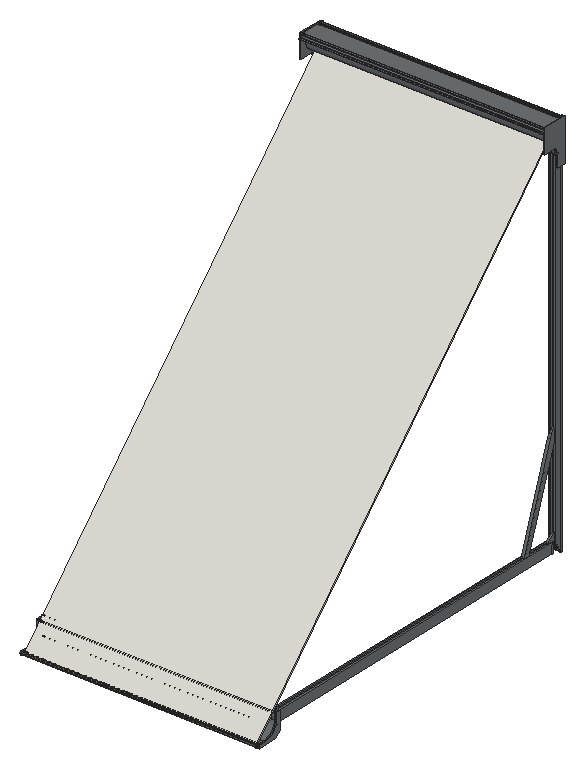
Revit family "Verano_V150_Mallorca_GM_R21", category Generic Models, Revit 2021
Family settings
  Can host rebar = No
  Round Connector Dimension = Use Diameter
  Part Type = Normal
  Work Plane-Based = No
  Always vertical = Yes
  Cut with Voids When Loaded = No
  Shared = No
  Room Calculation Point = No
Parameters (values of type "2100 Projection")
  Width [instance] = Overall Width Constraint  # 1000 mm
  Warning - Min. Width [instance] = if([Width Input (1000 - 5000mm)] < Minimal Width, 1 = 1, 1 = 0)  # no
  Warning - Max. Width [instance] = if([Width Input (1000 - 5000mm)] > Maximal Width, 1 = 1, 1 = 0)  # no
  Projection [instance] = if([1-1000 Projection], 1000 mm, if([2-1150 Projection], 1150 mm, if([3-1350 Projection], 1350 mm, 1500 mm)))  # 1500 mm
  Manual Cntrl = not(Electric Cntrl)  # no
  Height [instance] = Height Constraint - Y  # 664 mm
  Fabric Length [instance] = sqrt((X + 96 mm - 50 mm) ^ 2 + (Overall Height Input - Y - 43.5 mm + 70 mm) ^ 2)  # 2180.815 mm
  Y [instance] = Elevation From Level + 72 mm - 38 mm  # 935 mm
  X [instance] = if(TYPE = 1, 945 mm, if(TYPE = 2, 1095 mm, if(TYPE = 3, 1295 mm, 1445 mm)))  # 1445 mm
  Width Input (1000 - 5000mm) [instance] = 1000 mm
  URL = "https://verano.nl/catalogus/uitvalschermen"
  TYPE = 4
  Sliding Profile Length Constraint [instance] = if(TYPE = 1, 1000 mm, if(TYPE = 2, 1150 mm, if(TYPE = 3, 1350 mm, 1500 mm)))  # 1500 mm
  Rot Arm Profile Length [instance] = if(TYPE = 1, 900 mm, if(TYPE = 2, 1050 mm, if(TYPE = 3, 1250 mm, 1400 mm)))  # 1400 mm
  Rot Arm Elevation [instance] = Overall Height Input - Height Constraint + 72 mm  # 973 mm
  OPEN [instance] = not(CLOSED)  # yes
  Overall Width Constraint [instance] = if([Width Input (1000 - 5000mm)] < Minimal Width, Minimal Width, if([Width Input (1000 - 5000mm)] > Maximal Width, Maximal Width, [Width Input (1000 - 5000mm)]))  # 1000 mm
  Overall Height Input [instance] = 2500 mm
  Model = "V150 Mallorca"
  Minimal Width = 1000 mm  # constant formula
  Maximal Width = 5000 mm  # constant formula
  Manufacturer = "Verano Systems"
  Height Constraint = if(TYPE = 1, 1099 mm, if(TYPE = 2, 1249 mm, if(TYPE = 3, 1449 mm, 1599 mm)))  # 1599 mm
  Front Bar Length [instance] = Overall Width Constraint - 2 * 10 mm  # 980 mm
  Frame Material [instance] = V_Antracite
  Fabric Material [instance] = V_Fabric Beige
  Fabric Angle [instance] = if(TYPE = 1, 47.09°, if(TYPE = 2, 46.74°, if(TYPE = 3, 46.45°, 46.34°)))  # 46.34°
  Elevation From Level [instance] = Overall Height Input - Height Constraint  # 901 mm
  Electric Cntrl = yes
  Description = "Drop-arm awning"  # constant formula
  Default Elevation = 0 mm
  CLOSED [instance] = no
  Beta [instance] = 90.00° - Fabric Angle  # 43.66°
  Angle Constraint [instance] = if(OPEN, 90.00°, 0.00°)  # 90.00°
  A2 [instance] = Elevation From Level + A1  # 1361 mm
  A1 [instance] = 460 mm  # constant formula
  4-1500 Projection = TYPE = 4  # yes
  3-1350 Projection = TYPE = 3  # no
  2-1150 Projection = TYPE = 2  # no
  1-1000 Projection = TYPE = 1  # no
Types (4, lengths in mm): name | Projection | Height | Fabric Length | Y | X | TYPE | Sliding Profile Length Constraint | Rot Arm Profile Length | Rot Arm Elevation | Height Constraint | Fabric Angle | Elevation From Level | Beta | A2 | 4-1500 Projection | 3-1350 Projection | 2-1150 Projection | 1-1000 Projection
  2100 Projection | 1500 | 664 | 2180.815 | 935 | 1445 | 4 | 1500 | 1400 | 973 | 1599 | 46.34° | 901 | 43.66° | 1361 | yes | no | no | no
  1900 Projection | 1350 | 364 | 1968.808 | 1085 | 1295 | 3 | 1350 | 1250 | 1123 | 1449 | 46.45° | 1051 | 43.55° | 1511 | no | yes | no | no
  1600 Projection | 1150 | -36 | 1686.18 | 1285 | 1095 | 2 | 1150 | 1050 | 1323 | 1249 | 46.74° | 1251 | 43.26° | 1711 | no | no | yes | no
  1300 Projection | 1000 | -336 | 1474.264 | 1435 | 945 | 1 | 1000 | 900 | 1473 | 1099 | 47.09° | 1401 | 42.91° | 1861 | no | no | no | yes
Reference planes
  plane 1 "Center (Front/Back)": y = 0
  plane 2: z = 0
  plane 3 "Center (Left/Right)": x = 0
  plane 4: x = 500
  plane 5: x = -500
  plane 6: z = 2500
  plane 7: x = -475
  plane 8: x = 475
  plane 9: z = 901
  plane 10: z = 973
  plane 11: y = -17.5
  plane 12 "X": y = -1445
  plane 13 "Y": z = 935
  plane 14 "X1": y = -1541
  plane 15 "Y1": z = 865
Forms (mm)
  Revolve 1, solid, not visible
    sketch origin (0, 0, 865) x (0, 1, 0) y (-1, 0, 0)
      loop
        line (-1539, 475) -> (-1541, 475) -> (-1541, -475) -> (-1539, -475) -> (-1539, 475)
      axis (-1541, -475) -> (-1541, 475)
    angle from 43.66 <- "Beta" to 90
  Extrusion 2, solid, material "V_Fabric Beige" <- "Fabric Material", visible <- "OPEN"
    sketch origin (500, -1541, 865) x (0, 0.723449, -0.690378) y (-1, 0, 0)
      loop
        line (0, 975) -> (0, 25) -> (2, 25) -> (2, 975) -> (0, 975)
    from 0 to 2180.815 <- "Fabric Length"
Lines and regions (mm)
  symbolic lines, style "GenericModelHiddenLines"
    curve 1: line (-500, 0, 0) -> (-500, -1541, 0)
    curve 2: line (500, 0, 0) -> (500, -1541, 0)
    curve 3: line (500, 0, 0) -> (-500, 0, 0)
    curve 4: line (500, -1541, 0) -> (-500, -1541, 0)
Dimensions and locks
  equal spacing: plane 5, plane 3 "Center (Left/Right)", plane 4
  "Overall Width Constraint": plane 5 to plane 4
  "Overall Height Input": plane 6 to level
  locked: plane 5 to plane 7 at 25
  locked: plane 8 to plane 4 at 25
  "Height Constraint": plane 6 to plane 9
  locked: plane 10 to plane 9 at 72
  locked: plane 1 "Center (Front/Back)" to plane 11 at 17.5
  "X": plane 1 "Center (Front/Back)" to plane 12 "X"
  "Y": plane 13 "Y" to level
  locked: plane 12 "X" to plane 14 "X1" at 96
  locked: plane 13 "Y" to plane 15 "Y1" at 70
  plane 6 to nested 3 = 43.5 mm
  nested 3 to nested 3 = 49.5 mm
  plane 6 to plane 13 "Y" = 1565 mm
  aligned and locked: level to plane 2
  aligned and locked: plane 1 "Center (Front/Back)" to nested 1
  aligned and locked: plane 1 "Center (Front/Back)" to nested 2
  aligned and locked: plane 3 "Center (Left/Right)" to nested 3
  aligned and locked: plane 1 "Center (Front/Back)" to nested 3
  aligned and locked: nested 2 to plane 9
  aligned and locked: nested 1 to plane 9
  aligned and locked: nested 2 to plane 8
  aligned and locked: nested 1 to plane 7
  aligned and locked: plane 7 to nested 4
  aligned and locked: plane 8 to nested 5
  aligned and locked: plane 11 to nested 5
  aligned and locked: plane 3 "Center (Left/Right)" to nested 6
  aligned and locked: plane 13 "Y" to nested 6
  aligned and locked: Revolve 1 sketch curve to plane 7
  aligned and locked: Revolve 1 sketch curve to plane 14 "X1"
  aligned and locked: Revolve 1 sketch curve to plane 8
  aligned and locked: Extrusion 2 sketch curve to Revolve 1  (x4)
  aligned and locked: plane 12 "X" to nested 6
  aligned and locked: plane 7 to nested 7
  aligned and locked: plane 11 to nested 7
  aligned and locked: plane 8 to nested 8
  aligned and locked: curve 1 to plane 5
  aligned and locked: curve 2 to plane 4
  aligned and locked: curve 3 to plane 1 "Center (Front/Back)"
  aligned and locked: curve 4 to plane 14 "X1"
Automatic sketch dimensions
  Revolve 1 sketch curve to plane 4 = 0 mm
  plane 14 "X1" to Revolve 1 sketch curve = 0 mm
  Revolve 1 sketch curve to plane 5 = 0 mm
  Revolve 1 sketch curve to plane 14 "X1" = 2 mm
Nested families
  nested 1: "Wall Sliding Profile" at (-490, 0, 901), built-in parameter 1001360 <- "Elevation From Level", type "Wall Sliding Profile"
    with Length 1500 mm
  nested 2: "Wall Sliding Profile" at (460, 0, 901), type "Wall Sliding Profile"
    with Length 1500 mm
  nested 3: "Wall Profile" at (0, 0, 2500), built-in parameter 1001360 <- "Overall Height Input", type "Wall Profile"
    with Length 1000 mm, Closed no
  nested 4: "Rot Arm" at (-475, -17.5, 973), built-in parameter 1001360 <- "Rot Arm Elevation", type "Rot Arm"
    with Profile Length 1400 mm, Angle 90.00°
  nested 5: "Rot Arm" at (475, -17.5, 973), built-in parameter 1001360 <- "Rot Arm Elevation", type "Rot Arm"
    with Profile Length 1400 mm, Angle 90.00°
  nested 6: "Front Bar" at (0, -1445, 935), visible <- "OPEN", type "Front Bar"
    with Length 980 mm
  nested 7: "Arm" at (-475, -17.5, 1361), built-in parameter 1001360 <- "A2", type "Arm"
  nested 8: "Arm" at (475, -17.5, 1361) x (-1, 0, 0) z (0, 0, 1), built-in parameter 1001360 <- "A2", type "Arm"
Definition of nested family "Wall Sliding Profile"
  Parameters (values of type "Wall Sliding Profile")
    Length = 2100 mm
    Frame Material = none
    Default Elevation = 0 mm
  Reference planes
    plane 1 "Center (Front/Back)": y = 0
    plane 2: z = 0
    plane 3 "Center (Left/Right)": x = 0
    plane 4: z = 2100
    plane 5: z = 72
    plane 6: x = 15
    plane 7: y = -17.5
  Forms (mm)
    Extrusion 1, solid, material <- "Frame Material"
      sketch origin (0, 0, 0) x (1, 0, 0) y (0, 1, 0)
        loop
          line (0, -3.5) -> (30, -3.5) -> (30, 0) -> (27.5, 0) -> (27.5, -1.2) -> (2.5, -1.2) -> (2.5, 0) -> (0, 0) -> (0, -3.5)
      from 0 to 2100
    Extrusion 2, solid, material <- "Frame Material"
      sketch origin (0, 0, 0) x (0, 1, 0) y (0, 0, 1)
        loop
          line (-3.5, 2100) -> (-6, 2100) -> (-30, 2061) -> (-30, 39) -> (-6, 0) -> (-3.5, 0) -> (-3.5, 2100)
      from 0 to 2.5
    Extrusion 3, solid, material <- "Frame Material"
      sketch origin (30, 0, 0) x (0, 1, 0) y (0, 0, -1)
        loop
          line (-3.5, -2100) -> (-3.5, 0) -> (-6, 0) -> (-30, -39) -> (-30, -2061) -> (-6, -2100) -> (-3.5, -2100)
      from 0 to 2.5
    Extrusion 4, solid, material <- "Frame Material"
      sketch origin (0, 0, 0) x (0, 1, 0) y (0, 0, 1)
        loop
          line (-30, 2061) -> (-30, 39) -> (-27.7, 35.262) -> (-27.7, 2064.738) -> (-30, 2061)
      from 2.5 to 9.6
    Extrusion 5, solid, material <- "Frame Material"
      sketch origin (30, 0, 0) x (0, 1, 0) y (0, 0, -1)
        loop
          line (-30, -2061) -> (-27.7, -2064.738) -> (-27.7, -35.262) -> (-30, -39) -> (-30, -2061)
      from 2.5 to 9.6
    Extrusion 6, void
      sketch origin (0, 0, 0) x (1, 0, 0) y (0, 0, 1)
        loop
          line (11.5, 2091.5) -> (11.5, 2077.5)
          arc (11.5, 2077.5) -> (15, 2074) -> (18.5, 2077.5) r 3.5
          line (18.5, 2077.5) -> (18.5, 2091.5)
          arc (18.5, 2091.5) -> (15, 2095) -> (11.5, 2091.5) r 3.5
        loop
          line (18.5, 8.5) -> (18.5, 22.5)
          arc (18.5, 22.5) -> (15, 26) -> (11.5, 22.5) r 3.5
          line (11.5, 22.5) -> (11.5, 8.5)
          arc (11.5, 8.5) -> (15, 5) -> (18.5, 8.5) r 3.5
      from 0 to 30
  Cuts and joins
    Extrusion 6 cuts Extrusion 1
  Dimensions and locks
    "Length": plane 4 to level
    locked: plane 5 to plane 2 at 72
    locked: plane 6 to plane 3 "Center (Left/Right)" at 15
    locked: plane 1 "Center (Front/Back)" to plane 7 at 17.5
    plane 5 to plane 2 = 72 mm
    aligned and locked: level to plane 2
    aligned and locked: Extrusion 1 to plane 2
    aligned and locked: plane 4 to Extrusion 1
  Automatic sketch dimensions
    plane 1 "Center (Front/Back)" to Extrusion 1 sketch curve = 0 mm  (x2)
    Extrusion 1 sketch curve to plane 3 "Center (Left/Right)" = 0 mm
    plane 3 "Center (Left/Right)" to Extrusion 1 sketch curve = 2.5 mm
    plane 1 "Center (Front/Back)" to Extrusion 1 sketch curve = 1.2 mm
    Extrusion 1 sketch curve to Extrusion 1 sketch curve = 25 mm
    Extrusion 1 sketch curve to Extrusion 1 sketch curve = 2.5 mm
    Extrusion 1 sketch curve to Extrusion 1 sketch curve = 2.3 mm
    Extrusion 2 sketch curve to plane 4 = 0 mm
    Extrusion 2 sketch curve to level = 0 mm
    plane 1 "Center (Front/Back)" to Extrusion 2 sketch curve = 30 mm
    plane 1 "Center (Front/Back)" to Extrusion 2 sketch curve = 6 mm  (x2)
    Extrusion 2 sketch curve to Extrusion 2 sketch curve = 2.5 mm
    level to Extrusion 2 sketch curve = 39 mm
    Extrusion 2 sketch curve to plane 4 = 39 mm
    Extrusion 3 sketch curve to plane 4 = 0 mm
    Extrusion 3 sketch curve to level = 0 mm
    plane 1 "Center (Front/Back)" to Extrusion 3 sketch curve = 30 mm
    plane 1 "Center (Front/Back)" to Extrusion 3 sketch curve = 6 mm  (x2)
    Extrusion 3 sketch curve to Extrusion 3 sketch curve = 2.5 mm
    Extrusion 3 sketch curve to plane 4 = 39 mm
    level to Extrusion 3 sketch curve = 39 mm
    plane 1 "Center (Front/Back)" to Extrusion 4 sketch curve = 30 mm
    Extrusion 4 sketch curve to Extrusion 4 sketch curve = 2.3 mm
    level to Extrusion 4 sketch curve = 35.262 mm
    Extrusion 4 sketch curve to Extrusion 4 sketch curve = 3.737 mm  (x2)
    Extrusion 4 sketch curve to plane 4 = 39 mm
    plane 1 "Center (Front/Back)" to Extrusion 5 sketch curve = 30 mm
    Extrusion 5 sketch curve to Extrusion 5 sketch curve = 2.3 mm
    Extrusion 5 sketch curve to plane 4 = 35.263 mm
    Extrusion 5 sketch curve to Extrusion 5 sketch curve = 3.737 mm  (x2)
    level to Extrusion 5 sketch curve = 39 mm
    Extrusion 6 sketch curve to Extrusion 6 sketch curve = 3.5 mm  (x2)
    plane 3 "Center (Left/Right)" to Extrusion 6 sketch curve = 15 mm
    level to Extrusion 6 sketch curve = 22.5 mm
    Extrusion 6 sketch curve to plane 4 = 22.5 mm
    Extrusion 6 sketch curve to Extrusion 6 sketch curve = 0 mm  (x2)
    Extrusion 6 sketch curve to plane 4 = 8.5 mm
    level to Extrusion 6 sketch curve = 8.5 mm
    plane 3 "Center (Left/Right)" to Extrusion 6 sketch curve = 11.5 mm
Definition of nested family "Wall Profile"
  Parameters (values of type "Wall Profile")
    Length = 2000 mm
    Frame Material = none
    Default Elevation = 0 mm
    Closed = yes
  Reference planes
    plane 1 "Center (Front/Back)": y = 0
    plane 2: z = 0
    plane 3 "Center (Left/Right)": x = 0
    plane 4: x = 1000
    plane 5: x = -1000
    plane 6: x = -996
    plane 7: x = 996
    plane 8: x = -960
    plane 9: x = 960
    plane 10: z = -173
    plane 11: y = -49.5
    plane 12: z = -43.5
    plane 13: x = 990
    plane 14: x = 986
    plane 15: x = -990
    plane 16: x = -986
  Forms (mm)
    Extrusion 1, solid, material <- "Frame Material"
      sketch origin (0, 0, 0) x (1, 0, 0) y (0, 0, 1)
        loop
          line (-996, 0) -> (-996, -173) -> (-960, -173) -> (-960, -85) -> (-982, -85)
          arc (-982, -85) -> (-987.657, -82.657) -> (-990, -77) r 8
          line (-990, -77) -> (-990, 0) -> (-996, 0)
        loop
          line (-970.8, -116.25) -> (-970.8, -109.75)
          arc (-970.8, -109.75) -> (-975.05, -105.5) -> (-979.3, -109.75) r 4.25
          line (-979.3, -109.75) -> (-979.3, -116.25)
          arc (-979.3, -116.25) -> (-975.05, -120.5) -> (-970.8, -116.25) r 4.25
        loop
          line (-970.8, -161.25) -> (-970.8, -154.75)
          arc (-970.8, -154.75) -> (-975.05, -150.5) -> (-979.3, -154.75) r 4.25
          line (-979.3, -154.75) -> (-979.3, -161.25)
          arc (-979.3, -161.25) -> (-975.05, -165.5) -> (-970.8, -161.25) r 4.25
      from 0 to 5
    Extrusion 2, solid, material <- "Frame Material"
      sketch origin (0, 0, 0) x (-1, 0, 0) y (0, 0, -1)
        loop
          line (-996, 0) -> (-990, 0) -> (-990, 77)
          arc (-990, 77) -> (-987.657, 82.657) -> (-982, 85) r 8
          line (-982, 85) -> (-960, 85) -> (-960, 173) -> (-996, 173) -> (-996, 0)
        loop
          arc (-970.8, 116.25) -> (-975.05, 120.5) -> (-979.3, 116.25) r 4.25
          line (-979.3, 116.25) -> (-979.3, 109.75)
          arc (-979.3, 109.75) -> (-975.05, 105.5) -> (-970.8, 109.75) r 4.25
          line (-970.8, 109.75) -> (-970.8, 116.25)
        loop
          arc (-970.8, 161.25) -> (-975.05, 165.5) -> (-979.3, 161.25) r 4.25
          line (-979.3, 161.25) -> (-979.3, 154.75)
          arc (-979.3, 154.75) -> (-975.05, 150.5) -> (-970.8, 154.75) r 4.25
          line (-970.8, 154.75) -> (-970.8, 161.25)
      from 0 to 5
    Extrusion 3, solid, material <- "Frame Material"
      sketch origin (0, 0, 0) x (0, 1, 0) y (0, 0, 1)
        loop
          line (0, 0) -> (-99, 0)
          arc (-99, 0) -> (-101.121, -0.879) -> (-102, -3) r 3
          line (-102, -3) -> (-102, -94)
          arc (-102, -94) -> (-101.121, -96.121) -> (-99, -97) r 3
          line (-99, -97) -> (-42.7, -97) -> (-36, -122) -> (-36, -173) -> (0, -173) -> (0, 0)
      from -1000 to -996
    Extrusion 4, solid, material <- "Frame Material"
      sketch origin (0, 0, 0) x (0, 1, 0) y (0, 0, -1)
        loop
          line (0, 0) -> (0, 173) -> (-36, 173) -> (-36, 122) -> (-42.7, 97) -> (-99, 97)
          arc (-99, 97) -> (-101.121, 96.121) -> (-102, 94) r 3
          line (-102, 94) -> (-102, 3)
          arc (-102, 3) -> (-101.121, 0.879) -> (-99, 0) r 3
          line (-99, 0) -> (0, 0)
      from -1000 to -996
    Extrusion 5, solid, material <- "Frame Material"
      sketch origin (0, 0, 0) x (0, 1, 0) y (0, 0, 1)
        loop
          line (-8.512, -1.5) -> (-96, -1.5)
          arc (-96, -1.5) -> (-99.359, -2.891) -> (-100.75, -6.25) r 4.75
          arc (-100.75, -6.25) -> (-102.098, -10.695) -> (-105.689, -13.641) r 8
          line (-105.689, -13.641) -> (-110.75, -15.738)
          arc (-110.75, -15.738) -> (-110.976, -18.392) -> (-108.678, -17.044) r 1.5
          line (-108.678, -17.044) -> (-104.923, -15.489)
          arc (-104.923, -15.489) -> (-101.104, -12.695) -> (-98.997, -8.458) r 10
          arc (-98.997, -8.458) -> (-98.608, -8.079) -> (-98.102, -8.279) r 0.5
          arc (-98.102, -8.279) -> (-96.854, -9.361) -> (-95.25, -9.75) r 3.5
          arc (-95.25, -9.75) -> (-94.25, -8.75) -> (-95.25, -7.75) r 1
          arc (-95.25, -7.75) -> (-96.311, -5.189) -> (-93.75, -6.25) r 1.5
          arc (-93.75, -6.25) -> (-92.75, -7.25) -> (-91.75, -6.25) r 1
          arc (-91.75, -6.25) -> (-91.905, -5.22) -> (-92.356, -4.281) r 3.5
          arc (-92.356, -4.281) -> (-92.385, -3.766) -> (-91.943, -3.5) r 0.5
          line (-91.943, -3.5) -> (-13.557, -3.5)
          arc (-13.557, -3.5) -> (-13.115, -3.766) -> (-13.144, -4.281) r 0.5
          arc (-13.144, -4.281) -> (-13.595, -5.22) -> (-13.75, -6.25) r 3.5
          arc (-13.75, -6.25) -> (-12.75, -7.25) -> (-11.75, -6.25) r 1
          arc (-11.75, -6.25) -> (-9.189, -5.189) -> (-10.25, -7.75) r 1.5
          arc (-10.25, -7.75) -> (-11.25, -8.75) -> (-10.25, -9.75) r 1
          arc (-10.25, -9.75) -> (-9.22, -9.595) -> (-8.281, -9.144) r 3.5
          arc (-8.281, -9.144) -> (-7.766, -9.115) -> (-7.5, -9.557) r 0.5
          line (-7.5, -9.557) -> (-7.5, -88.795)
          arc (-7.5, -88.795) -> (-8.95, -88.099) -> (-9.189, -89.689) r 1
          arc (-9.189, -89.689) -> (-10.25, -92.25) -> (-11.311, -89.689) r 1.5
          arc (-11.311, -89.689) -> (-11.311, -88.275) -> (-12.725, -88.275) r 1
          arc (-12.725, -88.275) -> (-13.484, -92.089) -> (-10.25, -94.25) r 3.5
          arc (-10.25, -94.25) -> (-6.891, -92.859) -> (-5.5, -89.5) r 4.75
          line (-5.5, -89.5) -> (-5.5, 2.75) -> (-7.5, 2.75) -> (-8.512, -1.5)
      from -996 to 996
    Extrusion 6, solid, material <- "Frame Material"
      sketch origin (0, 0, 0) x (0, 1, 0) y (0, 0, 1)
        loop
          circle (-49.5, -43.5) r 31.5
      from -996 to 996
    Extrusion 7, solid, material <- "Frame Material", visible <- "Closed"
      sketch origin (0, 0, 0) x (0, 1, 0) y (0, 0, 1)
        loop
          line (-95.75, -94.25) -> (-53.25, -94.25)
          arc (-53.25, -94.25) -> (-52.25, -93.25) -> (-53.25, -92.25) r 1
          line (-53.25, -92.25) -> (-57, -92.25) -> (-57, -85.25) -> (-39.25, -85.25) -> (-39.25, -92.25) -> (-44, -92.25)
          arc (-44, -92.25) -> (-45, -93.25) -> (-44, -94.25) r 1
          line (-44, -94.25) -> (-28.126, -94.25) -> (-26.031, -87.518)
          arc (-26.031, -87.518) -> (-26.22, -84.638) -> (-28.75, -83.25) r 3
          arc (-28.75, -83.25) -> (-29.75, -84.25) -> (-28.75, -85.25) r 1
          arc (-28.75, -85.25) -> (-27.907, -85.713) -> (-27.844, -86.673) r 1
          line (-27.844, -86.673) -> (-29.39, -92.25) -> (-33.75, -92.25)
          arc (-33.75, -92.25) -> (-36.767, -90.525) -> (-36.81, -87.05) r 3.5
          line (-36.81, -87.05) -> (-35.006, -84.891)
          arc (-35.006, -84.891) -> (-34.867, -83.826) -> (-35.773, -83.25) r 1
          line (-35.773, -83.25) -> (-49.75, -83.25)
          arc (-49.75, -83.25) -> (-78.034, -71.534) -> (-89.75, -43.25) r 40
          line (-89.75, -43.25) -> (-89.75, -29.25)
          arc (-89.75, -29.25) -> (-90.414, -28.308) -> (-91.524, -28.617) r 1
          line (-91.524, -28.617) -> (-93.55, -30.31)
          arc (-93.55, -30.31) -> (-97.025, -30.267) -> (-98.75, -27.25) r 3.5
          line (-98.75, -27.25) -> (-98.75, -22.89) -> (-93.173, -21.344)
          arc (-93.173, -21.344) -> (-92.213, -21.407) -> (-91.75, -22.25) r 1
          arc (-91.75, -22.25) -> (-90.75, -23.25) -> (-89.75, -22.25) r 1
          arc (-89.75, -22.25) -> (-91.138, -19.72) -> (-94.018, -19.531) r 3
          line (-94.018, -19.531) -> (-100.75, -21.626) -> (-100.75, -89.25)
          arc (-100.75, -89.25) -> (-99.286, -92.786) -> (-95.75, -94.25) r 5
      from -986 to 986
    Extrusion 8, solid, material <- "Frame Material", visible <- "Closed"
      sketch origin (0, 0, 0) x (0, 1, 0) y (0, 0, 1)
        loop
          line (-100.75, -21.626) -> (-100.75, -89.25)
          arc (-100.75, -89.25) -> (-99.286, -92.786) -> (-95.75, -94.25) r 5
          line (-95.75, -94.25) -> (-28.126, -94.25) -> (-26.031, -87.518)
          arc (-26.031, -87.518) -> (-26.22, -84.638) -> (-28.75, -83.25) r 3
          line (-28.75, -83.25) -> (-49.75, -83.25)
          arc (-49.75, -83.25) -> (-78.034, -71.534) -> (-89.75, -43.25) r 40
          line (-89.75, -43.25) -> (-89.75, -22.25)
          arc (-89.75, -22.25) -> (-91.138, -19.72) -> (-94.018, -19.531) r 3
          line (-94.018, -19.531) -> (-100.75, -21.626)
      from -990 to -986
    Extrusion 9, solid, material <- "Frame Material", visible <- "Closed"
      sketch origin (0, 0, 0) x (0, 1, 0) y (0, 0, -1)
        loop
          line (-100.75, 21.626) -> (-94.018, 19.531)
          arc (-94.018, 19.531) -> (-91.138, 19.72) -> (-89.75, 22.25) r 3
          line (-89.75, 22.25) -> (-89.75, 43.25)
          arc (-89.75, 43.25) -> (-78.034, 71.534) -> (-49.75, 83.25) r 40
          line (-49.75, 83.25) -> (-28.75, 83.25)
          arc (-28.75, 83.25) -> (-26.22, 84.638) -> (-26.031, 87.518) r 3
          line (-26.031, 87.518) -> (-28.126, 94.25) -> (-95.75, 94.25)
          arc (-95.75, 94.25) -> (-99.286, 92.786) -> (-100.75, 89.25) r 5
          line (-100.75, 89.25) -> (-100.75, 21.626)
      from -990 to -986
  Dimensions and locks
    equal spacing: plane 5, plane 3 "Center (Left/Right)", plane 4
    "Length": plane 5 to plane 4
    locked: plane 7 to plane 4 at 4
    locked: plane 9 to plane 7 at 36
    locked: plane 5 to plane 6 at 4
    locked: plane 6 to plane 8 at 36
    locked: level to plane 10 at 173
    locked: plane 1 "Center (Front/Back)" to plane 11 at 49.5  (x2)
    Extrusion 7 to level = 92.25 mm
    locked: plane 4 to plane 13 at 10
    locked: plane 4 to plane 14 at 14
    locked: plane 15 to plane 5 at 10
    locked: plane 16 to plane 5 at 14
    level to Extrusion 8 = 94.25 mm
    aligned and locked: level to plane 2
    aligned and locked: Extrusion 1 sketch curve to plane 6
    aligned and locked: Extrusion 1 sketch curve to level
    aligned and locked: Extrusion 1 sketch curve to plane 8
    aligned and locked: Extrusion 1 sketch curve to plane 10
    aligned and locked: plane 8 to Extrusion 1
    aligned and locked: Extrusion 1 to plane 1 "Center (Front/Back)"
    aligned and locked: Extrusion 1 to plane 6
    aligned and locked: Extrusion 2 to plane 1 "Center (Front/Back)"
    aligned and locked: Extrusion 2 to plane 9
    aligned and locked: plane 7 to Extrusion 2
    aligned and locked: plane 1 "Center (Front/Back)" to Extrusion 3 sketch curve
    aligned and locked: level to Extrusion 3 sketch curve
    aligned and locked: plane 10 to Extrusion 3 sketch curve
    aligned and locked: plane 6 to Extrusion 3
    aligned and locked: Extrusion 3 to plane 5
    aligned and locked: Extrusion 4 to plane 7
    aligned and locked: plane 4 to Extrusion 4
    aligned and locked: Extrusion 5 to plane 6
    aligned and locked: plane 7 to Extrusion 5
    aligned and locked: Extrusion 6 to plane 6
    aligned and locked: plane 7 to Extrusion 6
    aligned and locked: Extrusion 7 to plane 16
    aligned and locked: plane 14 to Extrusion 7
    aligned and locked: Extrusion 8 sketch curve to Extrusion 7  (x7)
    aligned and locked: Extrusion 8 to Extrusion 1
    aligned and locked: Extrusion 8 to Extrusion 7
    aligned and locked: Extrusion 9 to plane 14
    aligned and locked: Extrusion 2 to plane 13
    aligned and locked: Extrusion 8 to plane 15
    aligned and locked: plane 16 to Extrusion 8
    aligned and locked: Extrusion 8 to plane 16
    aligned and locked: plane 14 to Extrusion 9  (x2)
    aligned and locked: plane 13 to Extrusion 9
  Automatic sketch dimensions
    Extrusion 1 sketch curve to plane 15 = 0 mm
    plane 16 to Extrusion 1 sketch curve = 4 mm
    plane 16 to Extrusion 1 sketch curve = 6.7 mm  (x2)
    Extrusion 1 sketch curve to Extrusion 1 sketch curve = 4.25 mm  (x2)
    plane 10 to Extrusion 1 sketch curve = 11.75 mm
    Extrusion 1 sketch curve to Extrusion 1 sketch curve = 6.5 mm  (x2)
    Extrusion 1 sketch curve to Extrusion 1 sketch curve = 38.5 mm
    Extrusion 1 sketch curve to Extrusion 1 sketch curve = 24.75 mm
    Extrusion 2 sketch curve to plane 7 = 0 mm
    Extrusion 2 sketch curve to level = 0 mm
    Extrusion 2 sketch curve to plane 13 = 0 mm
    Extrusion 2 sketch curve to plane 9 = 0 mm
    Extrusion 2 sketch curve to plane 10 = 0 mm
    Extrusion 2 sketch curve to plane 14 = 4 mm
    Extrusion 2 sketch curve to plane 14 = 6.7 mm  (x2)
    Extrusion 2 sketch curve to Extrusion 2 sketch curve = 4.25 mm  (x2)
    Extrusion 2 sketch curve to plane 12 = 33.5 mm
    Extrusion 2 sketch curve to Extrusion 2 sketch curve = 24.75 mm
    Extrusion 2 sketch curve to Extrusion 2 sketch curve = 6.5 mm  (x2)
    plane 10 to Extrusion 2 sketch curve = 18.25 mm
    plane 11 to Extrusion 3 sketch curve = 13.5 mm
    plane 11 to Extrusion 3 sketch curve = 6.8 mm
    Extrusion 3 sketch curve to level = 3 mm
    Extrusion 3 sketch curve to plane 11 = 49.5 mm
    Extrusion 3 sketch curve to Extrusion 3 sketch curve = 3 mm
    plane 10 to Extrusion 3 sketch curve = 51 mm
    Extrusion 3 sketch curve to plane 12 = 53.5 mm
    Extrusion 4 sketch curve to level = 0 mm
    Extrusion 4 sketch curve to plane 10 = 0 mm
    Extrusion 4 sketch curve to plane 1 "Center (Front/Back)" = 0 mm
    plane 11 to Extrusion 4 sketch curve = 13.5 mm
    plane 11 to Extrusion 4 sketch curve = 6.8 mm
    Extrusion 4 sketch curve to level = 3 mm
    Extrusion 4 sketch curve to plane 11 = 49.5 mm
    Extrusion 4 sketch curve to Extrusion 4 sketch curve = 3 mm
    Extrusion 4 sketch curve to plane 12 = 50.5 mm
    Extrusion 4 sketch curve to Extrusion 4 sketch curve = 25 mm
    Extrusion 5 sketch curve to Extrusion 5 sketch curve = 0 mm  (x28)
    Extrusion 5 sketch curve to level = 15.738 mm
    Extrusion 5 sketch curve to plane 11 = 61.25 mm
    Extrusion 5 sketch curve to Extrusion 5 sketch curve = 0.574 mm
    Extrusion 5 sketch curve to Extrusion 5 sketch curve = 2 mm  (x2)
    Extrusion 5 sketch curve to level = 17.044 mm
    Extrusion 5 sketch curve to Extrusion 5 sketch curve = 1.498 mm
    Extrusion 5 sketch curve to level = 13.641 mm
    Extrusion 5 sketch curve to Extrusion 5 sketch curve = 2.99 mm
    Extrusion 5 sketch curve to level = 15.489 mm
    Extrusion 5 sketch curve to Extrusion 5 sketch curve = 0.765 mm
    Extrusion 5 sketch curve to Extrusion 5 sketch curve = 7.179 mm
    Extrusion 5 sketch curve to level = 1.5 mm
    Extrusion 5 sketch curve to Extrusion 5 sketch curve = 2.509 mm
    Extrusion 5 sketch curve to Extrusion 5 sketch curve = 0.75 mm
    Extrusion 5 sketch curve to Extrusion 5 sketch curve = 2.5 mm  (x4)
    Extrusion 5 sketch curve to Extrusion 5 sketch curve = 0.807 mm  (x3)
    Extrusion 5 sketch curve to level = 3.5 mm
    plane 1 "Center (Front/Back)" to Extrusion 5 sketch curve = 13.557 mm
    plane 1 "Center (Front/Back)" to Extrusion 5 sketch curve = 12.018 mm
    Extrusion 5 sketch curve to Extrusion 5 sketch curve = 1.768 mm  (x2)
    Extrusion 5 sketch curve to Extrusion 5 sketch curve = 1.738 mm
    Extrusion 5 sketch curve to Extrusion 5 sketch curve = 2.25 mm
    level to Extrusion 5 sketch curve = 2.75 mm
    Extrusion 5 sketch curve to Extrusion 5 sketch curve = 1.012 mm
    Extrusion 5 sketch curve to Extrusion 5 sketch curve = 0.5 mm  (x3)
    Extrusion 5 sketch curve to plane 12 = 45.295 mm
    Extrusion 5 sketch curve to Extrusion 5 sketch curve = 0.188 mm
    Extrusion 5 sketch curve to Extrusion 5 sketch curve = 0.705 mm
    Extrusion 5 sketch curve to Extrusion 5 sketch curve = 1.25 mm
    Extrusion 5 sketch curve to Extrusion 5 sketch curve = 8.057 mm
    Extrusion 5 sketch curve to Extrusion 5 sketch curve = 5.25 mm
    Extrusion 5 sketch curve to Extrusion 5 sketch curve = 0.181 mm
    Extrusion 5 sketch curve to level = 6.25 mm
    Extrusion 5 sketch curve to Extrusion 5 sketch curve = 1 mm  (x2)
    Extrusion 5 sketch curve to Extrusion 5 sketch curve = 0.707 mm
    Extrusion 6 sketch curve to plane 11 = 0 mm
    Extrusion 6 sketch curve to plane 12 = 0 mm
    plane 12 to Extrusion 7 sketch curve = 13.19 mm
    Extrusion 7 sketch curve to level = 21.344 mm
    plane 12 to Extrusion 7 sketch curve = 14.883 mm
    Extrusion 7 sketch curve to Extrusion 7 sketch curve = 0.767 mm
    Extrusion 7 sketch curve to Extrusion 7 sketch curve = 1.264 mm  (x2)
    Extrusion 9 sketch curve to plane 11 = 51.25 mm
    Extrusion 9 sketch curve to Extrusion 9 sketch curve = 5 mm
    Extrusion 9 sketch curve to Extrusion 9 sketch curve = 6.732 mm
    Extrusion 9 sketch curve to Extrusion 9 sketch curve = 1.268 mm
    plane 12 to Extrusion 9 sketch curve = 0.25 mm
    Extrusion 9 sketch curve to Extrusion 9 sketch curve = 3 mm  (x2)
    Extrusion 9 sketch curve to plane 11 = 0.25 mm
    plane 11 to Extrusion 9 sketch curve = 20.75 mm
    Extrusion 9 sketch curve to Extrusion 9 sketch curve = 0.624 mm
    Extrusion 9 sketch curve to Extrusion 9 sketch curve = 2.719 mm
    Extrusion 9 sketch curve to Extrusion 9 sketch curve = 21 mm
    Extrusion 9 sketch curve to Extrusion 9 sketch curve = 2.094 mm
    Extrusion 9 sketch curve to plane 12 = 45.75 mm
    Extrusion 7 sketch curve to Extrusion 7 sketch curve = 0 mm  (x6)
    Extrusion 7 sketch curve to plane 11 = 51.25 mm
    Extrusion 7 sketch curve to Extrusion 7 sketch curve = 2 mm  (x5)
    Extrusion 7 sketch curve to Extrusion 7 sketch curve = 5 mm  (x2)
    Extrusion 7 sketch curve to Extrusion 7 sketch curve = 3.5 mm
    Extrusion 7 sketch curve to Extrusion 7 sketch curve = 4.732 mm
    Extrusion 7 sketch curve to Extrusion 7 sketch curve = 1.7 mm  (x2)
    Extrusion 7 sketch curve to Extrusion 7 sketch curve = 0.845 mm  (x2)
    Extrusion 7 sketch curve to Extrusion 7 sketch curve = 0.423 mm  (x2)
    Extrusion 7 sketch curve to Extrusion 7 sketch curve = 2.026 mm
    Extrusion 7 sketch curve to Extrusion 7 sketch curve = 0.774 mm
    Extrusion 7 sketch curve to Extrusion 7 sketch curve = 1 mm  (x4)
    Extrusion 7 sketch curve to plane 11 = 7.5 mm
    Extrusion 7 sketch curve to plane 11 = 3.75 mm
    Extrusion 7 sketch curve to plane 11 = 0.25 mm
    plane 11 to Extrusion 7 sketch curve = 5.5 mm
    Extrusion 7 sketch curve to Extrusion 7 sketch curve = 4.75 mm
    Extrusion 7 sketch curve to Extrusion 7 sketch curve = 2.44 mm
    Extrusion 7 sketch curve to Extrusion 7 sketch curve = 1.036 mm
    Extrusion 7 sketch curve to Extrusion 7 sketch curve = 5.5 mm
    Extrusion 7 sketch curve to Extrusion 7 sketch curve = 4.36 mm  (x2)
    Extrusion 7 sketch curve to Extrusion 7 sketch curve = 0.906 mm  (x2)
    Extrusion 7 sketch curve to Extrusion 7 sketch curve = 1.813 mm  (x2)
    plane 12 to Extrusion 7 sketch curve = 0.25 mm
    Extrusion 7 sketch curve to Extrusion 7 sketch curve = 2.159 mm
    Extrusion 7 sketch curve to Extrusion 7 sketch curve = 4 mm
    Extrusion 7 sketch curve to Extrusion 7 sketch curve = 7 mm
    radius of Extrusion 6 sketch curve = 31.5 mm
Definition of nested family "Rot Arm"
  Parameters (values of type "Rot Arm")
    Profile Length = 250 mm
    Frame Material = none
    Default Elevation = 0 mm
    Angle = 0.00°
  Reference planes
    plane 1 "Center (Front/Back)": y = 0
    plane 2: z = 0
    plane 3 "Center (Left/Right)": x = 0
    plane 4: x = -5
    plane 5: x = 5
  Forms (mm)
    Sweep 1, solid, material <- "Frame Material"
      path origin (0, 0, 0) x (1, 0, 0) y (0, 1, 0)
        loop
          line (-5, 0) -> (5, 0)
      profile "Rot Profile : Rot Profile" origin (0, 0, 0) x (0, 1, 0) y (0, 0, 1)
        loop
          circle (0, 0) r 4.1
        loop
          line (-22.017, 42.148) -> (-22.017, 23.599) -> (-50.557, 23.599) -> (-4.868, -8.158)
          arc (-4.868, -8.158) -> (7.45, -5.895) -> (6.82, 6.614) r 9.5
          line (6.82, 6.614) -> (-22.017, 42.148)
    Extrusion 2, solid, material <- "Frame Material"
      sketch origin (-5, -50.557, 23.599) x (1, 0, 0) y (0, 1, 0)
        loop
          line (-6.5, 28.541) -> (-6.5, -13.459) -> (16.5, -13.459) -> (16.5, 28.541) -> (-6.5, 28.541)
      from 0 to 4.5
    Extrusion 3, solid, material <- "Frame Material"
      sketch origin (-5, -50.557, 28.099) x (1, 0, 0) y (0, 1, 0)
        loop
          line (-6.5, 28.541) -> (-6.5, -13.459) -> (16.5, -13.459) -> (16.5, 28.541) -> (10.5, 28.541) -> (10.5, 26.541) -> (14.1, 26.541) -> (14.1, -3.159) -> (8.2, -3.159) -> (8.2, -11.459) -> (1.8, -11.459) -> (1.8, -3.159) -> (-4.1, -3.159) -> (-4.1, 26.541) -> (-0.5, 26.541) -> (-0.5, 28.541) -> (-6.5, 28.541)
      from 0 to 250 <- "Profile Length"
  Dimensions and locks
    plane 4 to plane 3 "Center (Left/Right)" to plane 5 = 5 mm locked, 5 mm locked
    plane 4 to plane 5 = 10 mm
    aligned and locked: level to plane 2
    aligned and locked: Extrusion 2 sketch curve to Sweep 1
    aligned and locked: Extrusion 3 sketch curve to Extrusion 2  (x4)
Definition of nested family "Front Bar"
  Parameters (values of type "Front Bar")
    OPEN = yes
    Length = 1980 mm
    Frame Material = none
    Fabric Material = none
    Default Elevation = 0 mm
  Reference planes
    plane 1 "Center (Front/Back)": y = 0
    plane 2: z = 0
    plane 3 "Center (Left/Right)": x = 0
    plane 4: x = -990
    plane 5: x = 990
    plane 6: x = -982
    plane 7: x = 982
    plane 8: z = -70
    plane 9: y = -96
  Forms (mm)
    Extrusion 1, solid, material <- "Frame Material", visible <- "OPEN"
      sketch origin (0, 0, 0) x (0, 1, 0) y (0, 0, 1)
        loop
          line (-21.581, -78.75) -> (-0.164, -57.333)
          arc (-0.164, -57.333) -> (-0.221, -56.008) -> (-1.536, -56.178) r 0.9
          arc (-1.536, -56.178) -> (-10.622, -53.296) -> (-1.536, -50.415) r 5
          arc (-1.536, -50.415) -> (-0.528, -50.754) -> (0.1, -49.896) r 0.9
          line (0.1, -49.896) -> (0.1, -14.65) -> (-4.9, -14.65) -> (-4.9, -4.9)
          arc (-4.9, -4.9) -> (-5.8, -4) -> (-6.7, -4.9) r 0.9
          line (-6.7, -4.9) -> (-6.7, -9.25) -> (-12.6, -9.25) -> (-12.6, 14.75) -> (-6.7, 14.75) -> (-6.7, 4.9)
          arc (-6.7, 4.9) -> (-5.8, 4) -> (-4.9, 4.9) r 0.9
          line (-4.9, 4.9) -> (-4.9, 14.75) -> (0.1, 14.75) -> (0.1, 26.25)
          arc (0.1, 26.25) -> (-0.8, 27.15) -> (-1.7, 26.25) r 0.9
          line (-1.7, 26.25) -> (-1.7, 18.85)
          arc (-1.7, 18.85) -> (-2.433, 17.082) -> (-4.2, 16.35) r 2.5
          line (-4.2, 16.35) -> (-12.9, 16.35)
          arc (-12.9, 16.35) -> (-13.961, 15.911) -> (-14.4, 14.85) r 1.5
          line (-14.4, 14.85) -> (-14.4, -13.576)
          arc (-14.4, -13.576) -> (-30.121, -51.529) -> (-68.074, -67.25) r 53.674
          line (-68.074, -67.25) -> (-90.078, -67.25)
          arc (-90.078, -67.25) -> (-91.016, -67.903) -> (-90.729, -69.009) r 1
          arc (-90.729, -69.009) -> (-89.466, -73.877) -> (-93.593, -76.75) r 4.4
          line (-93.593, -76.75) -> (-97.436, -76.75) -> (-98.788, -71.703)
          arc (-98.788, -71.703) -> (-98.589, -70.185) -> (-97.374, -69.253) r 2
          arc (-97.374, -69.253) -> (-96.836, -68.177) -> (-97.84, -67.515) r 0.907
          arc (-97.84, -67.515) -> (-100.147, -69.285) -> (-100.527, -72.169) r 3.8
          line (-100.527, -72.169) -> (-99.161, -77.268)
          arc (-99.161, -77.268) -> (-98.446, -78.337) -> (-97.229, -78.75) r 2
          line (-97.229, -78.75) -> (-21.581, -78.75)
      from -982 to 982
    Extrusion 2, solid, material <- "Frame Material", visible <- "OPEN"
      sketch origin (0, 0, 0) x (0, 1, 0) y (0, 0, 1)
        loop
          arc (-96.856, -67.385) -> (-99.871, -68.872) -> (-100.527, -72.169) r 3.8
          line (-100.527, -72.169) -> (-99.161, -77.268)
          arc (-99.161, -77.268) -> (-98.446, -78.337) -> (-97.229, -78.75) r 2
          line (-97.229, -78.75) -> (-21.581, -78.75) -> (0.1, -57.069) -> (0.1, 16.35) -> (-12.9, 16.35)
          arc (-12.9, 16.35) -> (-13.961, 15.911) -> (-14.4, 14.85) r 1.5
          line (-14.4, 14.85) -> (-14.4, -13.576)
          arc (-14.4, -13.576) -> (-30.121, -51.529) -> (-68.074, -67.25) r 53.674
          line (-68.074, -67.25) -> (-96.856, -67.25)
      from -990 to -982
    Extrusion 3, solid, material <- "Frame Material", visible <- "OPEN"
      sketch origin (0, 0, 0) x (0, 1, 0) y (0, 0, -1)
        loop
          arc (-96.856, 67.385) -> (-99.871, 68.872) -> (-100.527, 72.169) r 3.8
          line (-100.527, 72.169) -> (-99.161, 77.268)
          arc (-99.161, 77.268) -> (-98.446, 78.337) -> (-97.229, 78.75) r 2
          line (-97.229, 78.75) -> (-21.581, 78.75) -> (0.1, 57.069) -> (0.1, -16.35) -> (-12.9, -16.35)
          arc (-12.9, -16.35) -> (-13.961, -15.911) -> (-14.4, -14.85) r 1.5
          line (-14.4, -14.85) -> (-14.4, 13.576)
          arc (-14.4, 13.576) -> (-30.121, 51.529) -> (-68.074, 67.25) r 53.674
          line (-68.074, 67.25) -> (-96.856, 67.25)
      from -990 to -982
  Dimensions and locks
    equal spacing: plane 4, plane 3 "Center (Left/Right)", plane 5
    "Length": plane 4 to plane 5
    locked: plane 4 to plane 6 at 8
    locked: plane 7 to plane 5 at 8
    locked: plane 1 "Center (Front/Back)" to plane 9 at 96
    locked: level to plane 8 at 70
    aligned and locked: level to plane 2
    aligned and locked: Extrusion 1 to plane 6
    aligned and locked: plane 7 to Extrusion 1
    aligned and locked: Extrusion 2 sketch curve to Extrusion 1  (x7)
    aligned and locked: plane 6 to Extrusion 2
    aligned and locked: Extrusion 3 to plane 7
    aligned and locked: plane 5 to Extrusion 3
    aligned and locked: Extrusion 2 to plane 4
    aligned and locked: Extrusion 2 to plane 6
  Automatic sketch dimensions
    Extrusion 1 sketch curve to Extrusion 1 sketch curve = 0.207 mm
    Extrusion 1 sketch curve to Extrusion 1 sketch curve = 0.855 mm
    Extrusion 1 sketch curve to level = 71.703 mm
    Extrusion 1 sketch curve to level = 77.268 mm
    Extrusion 1 sketch curve to level = 72.169 mm
    Extrusion 1 sketch curve to Extrusion 1 sketch curve = 2.773 mm
    Extrusion 1 sketch curve to Extrusion 1 sketch curve = 0.338 mm
    Extrusion 2 sketch curve to level = 77.268 mm
    Extrusion 2 sketch curve to level = 72.169 mm
    Extrusion 2 sketch curve to Extrusion 2 sketch curve = 0 mm
    plane 1 "Center (Front/Back)" to Extrusion 3 sketch curve = 100.527 mm
    Extrusion 3 sketch curve to Extrusion 3 sketch curve = 1.366 mm
    Extrusion 3 sketch curve to Extrusion 3 sketch curve = 1.932 mm
    Extrusion 3 sketch curve to Extrusion 3 sketch curve = 3.671 mm
    Extrusion 3 sketch curve to Extrusion 3 sketch curve = 28.782 mm
    plane 1 "Center (Front/Back)" to Extrusion 3 sketch curve = 21.581 mm
    plane 1 "Center (Front/Back)" to Extrusion 3 sketch curve = 14.4 mm
    Extrusion 3 sketch curve to Extrusion 3 sketch curve = 1.5 mm
    Extrusion 3 sketch curve to plane 1 "Center (Front/Back)" = 0.1 mm
    level to Extrusion 3 sketch curve = 16.35 mm
    Extrusion 3 sketch curve to level = 13.576 mm
    Extrusion 3 sketch curve to Extrusion 3 sketch curve = 43.493 mm
    Extrusion 3 sketch curve to Extrusion 3 sketch curve = 3.935 mm
    Extrusion 3 sketch curve to Extrusion 3 sketch curve = 0.984 mm
    Extrusion 3 sketch curve to Extrusion 3 sketch curve = 5.565 mm
    Extrusion 3 sketch curve to Extrusion 3 sketch curve = 0.518 mm
    Extrusion 3 sketch curve to Extrusion 3 sketch curve = 0 mm
    Extrusion 1 sketch curve to Extrusion 1 sketch curve = 0 mm  (x5)
    plane 1 "Center (Front/Back)" to Extrusion 1 sketch curve = 100.527 mm
    Extrusion 1 sketch curve to Extrusion 1 sketch curve = 1.366 mm
    Extrusion 1 sketch curve to Extrusion 1 sketch curve = 1.739 mm
    Extrusion 1 sketch curve to Extrusion 1 sketch curve = 1.076 mm
    Extrusion 1 sketch curve to Extrusion 1 sketch curve = 1.725 mm
    Extrusion 1 sketch curve to Extrusion 1 sketch curve = 3.636 mm
    Extrusion 1 sketch curve to Extrusion 1 sketch curve = 3.514 mm
    Extrusion 1 sketch curve to level = 13.576 mm
    Extrusion 1 sketch curve to Extrusion 1 sketch curve = 22.004 mm
    plane 1 "Center (Front/Back)" to Extrusion 1 sketch curve = 21.581 mm
    plane 1 "Center (Front/Back)" to Extrusion 1 sketch curve = 14.4 mm
    Extrusion 1 sketch curve to Extrusion 1 sketch curve = 1.5 mm
    Extrusion 1 sketch curve to Extrusion 1 sketch curve = 0.3 mm
    plane 1 "Center (Front/Back)" to Extrusion 1 sketch curve = 6.7 mm  (x2)
    Extrusion 1 sketch curve to Extrusion 1 sketch curve = 0.9 mm  (x2)
    plane 1 "Center (Front/Back)" to Extrusion 1 sketch curve = 5.622 mm
    Extrusion 1 sketch curve to Extrusion 1 sketch curve = 0.7 mm
    plane 1 "Center (Front/Back)" to Extrusion 1 sketch curve = 1.7 mm
    plane 1 "Center (Front/Back)" to Extrusion 1 sketch curve = 0.8 mm  (x3)
    plane 1 "Center (Front/Back)" to Extrusion 1 sketch curve = 0.164 mm
    Extrusion 1 sketch curve to plane 1 "Center (Front/Back)" = 0.1 mm
    Extrusion 1 sketch curve to Extrusion 1 sketch curve = 11.5 mm
    Extrusion 1 sketch curve to Extrusion 1 sketch curve = 4.4 mm
    Extrusion 1 sketch curve to Extrusion 1 sketch curve = 0.518 mm
    Extrusion 1 sketch curve to Extrusion 1 sketch curve = 1 mm
    Extrusion 1 sketch curve to Extrusion 1 sketch curve = 21.417 mm
    Extrusion 1 sketch curve to Extrusion 1 sketch curve = 0.636 mm
    Extrusion 1 sketch curve to Extrusion 1 sketch curve = 3.4 mm
    Extrusion 1 sketch curve to Extrusion 1 sketch curve = 6.281 mm
    Extrusion 1 sketch curve to Extrusion 1 sketch curve = 1.074 mm
    Extrusion 1 sketch curve to Extrusion 1 sketch curve = 5.4 mm
    Extrusion 1 sketch curve to Extrusion 1 sketch curve = 4.35 mm
    level to Extrusion 1 sketch curve = 4.9 mm
    Extrusion 1 sketch curve to Extrusion 1 sketch curve = 9.85 mm
    Extrusion 1 sketch curve to Extrusion 1 sketch curve = 0.1 mm
    Extrusion 1 sketch curve to Extrusion 1 sketch curve = 7.4 mm
Definition of nested family "Arm"
  Parameters (values of type "Arm")
    Open = yes
    Frame Material = none
    Default Elevation = 0 mm
  Reference planes
    plane 1 "Center (Front/Back)": y = 0
    plane 2: z = 0
    plane 3 "Center (Left/Right)": x = 0
    plane 4: x = 5
    plane 5: x = -5
  Forms (mm)
    Sweep 1, solid, material <- "Frame Material", visible <- "Open"
      path origin (0, 0, 0) x (1, 0, 0) y (0, 1, 0)
        loop
          line (5, 0) -> (-5, 0)
      profile "Profile : Profile" origin (0, 0, 0) x (0, -1, 0) y (0, 0, 1)
        loop
          circle (0, 0) r 4
        loop
          circle (156.915, -421.722) r 4
        loop
          arc (6.195, 9.322) -> (-4.969, 8.71) -> (-11.177, -0.588) r 12.5
          line (-11.177, -0.588) -> (3.849, -26.927)
          arc (3.849, -26.927) -> (6.441, -31.97) -> (8.584, -37.22) r 65
          line (8.584, -37.22) -> (149.524, -430.743) -> (161.032, -436.181) -> (171.387, -432.472) -> (27.413, -30.476)
          arc (27.413, -30.476) -> (24.611, -23.611) -> (21.221, -17.016) r 85
          line (21.221, -17.016) -> (6.195, 9.322)
  Dimensions and locks
    equal spacing: plane 5, plane 3 "Center (Left/Right)", plane 4
    locked: plane 5 to plane 4 at 10
    aligned and locked: level to plane 2
    aligned and locked: Sweep 1 sketch curve to plane 1 "Center (Front/Back)"
    aligned and locked: plane 4 to Sweep 1 sketch curve
    aligned and locked: plane 5 to Sweep 1 sketch curve
